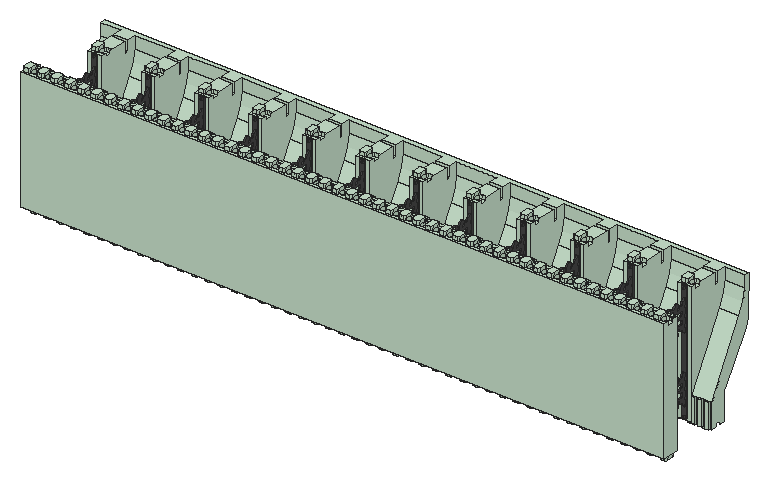
Revit family (continued)
Automatic sketch dimensions
  Extrusion 32 sketch curve to Extrusion 32 sketch curve = 0' - 0.33686"
  Extrusion 32 sketch curve to Extrusion 32 sketch curve = 0' - 0.2216"
  Extrusion 33 sketch curve to plane 8 = 0' - 0.72692"
  Extrusion 33 sketch curve to plane 4 = 2' - 9"
  Extrusion 33 sketch curve to Extrusion 33 sketch curve = 0' - 0.17308"  (x2)
  Extrusion 33 sketch curve to Extrusion 33 sketch curve = 0' - 0"  (x5)
  Extrusion 33 sketch curve to Extrusion 33 sketch curve = 0' - 0 1/4"  (x4)
  Extrusion 33 sketch curve to Extrusion 33 sketch curve = 0' - 0.07692"  (x2)
  Extrusion 33 sketch curve to Extrusion 33 sketch curve = 0' - 0.17323"
  Extrusion 33 sketch curve to Extrusion 33 sketch curve = 0' - 0.01019"
  Extrusion 33 sketch curve to Extrusion 33 sketch curve = 0' - 0.07677"
  Extrusion 33 sketch curve to Extrusion 33 sketch curve = 0' - 0.17083"
  Extrusion 33 sketch curve to Extrusion 33 sketch curve = 0' - 0.01665"
  Extrusion 33 sketch curve to Extrusion 33 sketch curve = 0' - 0.14808"
  Extrusion 33 sketch curve to Extrusion 33 sketch curve = 0' - 0.33686"
  Extrusion 33 sketch curve to Extrusion 33 sketch curve = 0' - 0.2216"
  Extrusion 34 sketch curve to plane 8 = 0' - 0.72692"
  Extrusion 34 sketch curve to plane 4 = 2' - 7"
  Extrusion 34 sketch curve to Extrusion 34 sketch curve = 0' - 0.17308"  (x2)
  Extrusion 34 sketch curve to Extrusion 34 sketch curve = 0' - 0"  (x5)
  Extrusion 34 sketch curve to Extrusion 34 sketch curve = 0' - 0 1/4"  (x4)
  Extrusion 34 sketch curve to Extrusion 34 sketch curve = 0' - 0.07692"  (x2)
  Extrusion 34 sketch curve to Extrusion 34 sketch curve = 0' - 0.17323"
  Extrusion 34 sketch curve to Extrusion 34 sketch curve = 0' - 0.01019"
  Extrusion 34 sketch curve to Extrusion 34 sketch curve = 0' - 0.07677"
  Extrusion 34 sketch curve to Extrusion 34 sketch curve = 0' - 0.17083"
  Extrusion 34 sketch curve to Extrusion 34 sketch curve = 0' - 0.01665"
  Extrusion 34 sketch curve to Extrusion 34 sketch curve = 0' - 0.14808"
  Extrusion 34 sketch curve to Extrusion 34 sketch curve = 0' - 0.33686"
  Extrusion 34 sketch curve to Extrusion 34 sketch curve = 0' - 0.2216"
  Extrusion 35 sketch curve to plane 8 = 0' - 0.72692"
  Extrusion 35 sketch curve to plane 4 = 2' - 5"
  Extrusion 35 sketch curve to Extrusion 35 sketch curve = 0' - 0.17308"  (x2)
  Extrusion 35 sketch curve to Extrusion 35 sketch curve = 0' - 0"  (x5)
  Extrusion 35 sketch curve to Extrusion 35 sketch curve = 0' - 0 1/4"  (x4)
  Extrusion 35 sketch curve to Extrusion 35 sketch curve = 0' - 0.07692"  (x2)
  Extrusion 35 sketch curve to Extrusion 35 sketch curve = 0' - 0.17323"
  Extrusion 35 sketch curve to Extrusion 35 sketch curve = 0' - 0.01019"
  Extrusion 35 sketch curve to Extrusion 35 sketch curve = 0' - 0.07677"
  Extrusion 35 sketch curve to Extrusion 35 sketch curve = 0' - 0.17083"
  Extrusion 35 sketch curve to Extrusion 35 sketch curve = 0' - 0.01665"
  Extrusion 35 sketch curve to Extrusion 35 sketch curve = 0' - 0.14808"
  Extrusion 35 sketch curve to Extrusion 35 sketch curve = 0' - 0.33686"
  Extrusion 35 sketch curve to Extrusion 35 sketch curve = 0' - 0.2216"
  Extrusion 36 sketch curve to plane 8 = 0' - 0.72692"
  Extrusion 36 sketch curve to plane 4 = 2' - 3"
  Extrusion 36 sketch curve to Extrusion 36 sketch curve = 0' - 0.17308"  (x2)
  Extrusion 36 sketch curve to Extrusion 36 sketch curve = 0' - 0"  (x5)
  Extrusion 36 sketch curve to Extrusion 36 sketch curve = 0' - 0 1/4"  (x4)
  Extrusion 36 sketch curve to Extrusion 36 sketch curve = 0' - 0.07692"  (x2)
  Extrusion 36 sketch curve to Extrusion 36 sketch curve = 0' - 0.17323"
  Extrusion 36 sketch curve to Extrusion 36 sketch curve = 0' - 0.01019"
  Extrusion 36 sketch curve to Extrusion 36 sketch curve = 0' - 0.07677"
  Extrusion 36 sketch curve to Extrusion 36 sketch curve = 0' - 0.17083"
  Extrusion 36 sketch curve to Extrusion 36 sketch curve = 0' - 0.01665"
  Extrusion 36 sketch curve to Extrusion 36 sketch curve = 0' - 0.14808"
  Extrusion 36 sketch curve to Extrusion 36 sketch curve = 0' - 0.33686"
  Extrusion 36 sketch curve to Extrusion 36 sketch curve = 0' - 0.2216"
  Extrusion 37 sketch curve to plane 8 = 0' - 0.72692"
  Extrusion 37 sketch curve to plane 4 = 2' - 1"
  Extrusion 37 sketch curve to Extrusion 37 sketch curve = 0' - 0.17308"  (x2)
  Extrusion 37 sketch curve to Extrusion 37 sketch curve = 0' - 0"  (x5)
  Extrusion 37 sketch curve to Extrusion 37 sketch curve = 0' - 0 1/4"  (x4)
  Extrusion 37 sketch curve to Extrusion 37 sketch curve = 0' - 0.07692"  (x2)
  Extrusion 37 sketch curve to Extrusion 37 sketch curve = 0' - 0.17323"
  Extrusion 37 sketch curve to Extrusion 37 sketch curve = 0' - 0.01019"
  Extrusion 37 sketch curve to Extrusion 37 sketch curve = 0' - 0.07677"
  Extrusion 37 sketch curve to Extrusion 37 sketch curve = 0' - 0.17083"
  Extrusion 37 sketch curve to Extrusion 37 sketch curve = 0' - 0.01665"
  Extrusion 37 sketch curve to Extrusion 37 sketch curve = 0' - 0.14808"
  Extrusion 37 sketch curve to Extrusion 37 sketch curve = 0' - 0.33686"
  Extrusion 37 sketch curve to Extrusion 37 sketch curve = 0' - 0.2216"
  Extrusion 38 sketch curve to plane 8 = 0' - 0.72692"
  Extrusion 38 sketch curve to plane 4 = 1' - 11"
  Extrusion 38 sketch curve to Extrusion 38 sketch curve = 0' - 0.17308"  (x2)
  Extrusion 38 sketch curve to Extrusion 38 sketch curve = 0' - 0"  (x5)
  Extrusion 38 sketch curve to Extrusion 38 sketch curve = 0' - 0 1/4"  (x4)
  Extrusion 38 sketch curve to Extrusion 38 sketch curve = 0' - 0.07692"  (x2)
  Extrusion 38 sketch curve to Extrusion 38 sketch curve = 0' - 0.17323"
  Extrusion 38 sketch curve to Extrusion 38 sketch curve = 0' - 0.01019"
  Extrusion 38 sketch curve to Extrusion 38 sketch curve = 0' - 0.07677"
  Extrusion 38 sketch curve to Extrusion 38 sketch curve = 0' - 0.17083"
  Extrusion 38 sketch curve to Extrusion 38 sketch curve = 0' - 0.01665"
  Extrusion 38 sketch curve to Extrusion 38 sketch curve = 0' - 0.14808"
  Extrusion 38 sketch curve to Extrusion 38 sketch curve = 0' - 0.33686"
  Extrusion 38 sketch curve to Extrusion 38 sketch curve = 0' - 0.2216"
  Extrusion 39 sketch curve to plane 8 = 0' - 0.72692"
  Extrusion 39 sketch curve to plane 4 = 1' - 9"
  Extrusion 39 sketch curve to Extrusion 39 sketch curve = 0' - 0.17308"  (x2)
  Extrusion 39 sketch curve to Extrusion 39 sketch curve = 0' - 0"  (x5)
  Extrusion 39 sketch curve to Extrusion 39 sketch curve = 0' - 0 1/4"  (x4)
  Extrusion 39 sketch curve to Extrusion 39 sketch curve = 0' - 0.07692"  (x2)
  Extrusion 39 sketch curve to Extrusion 39 sketch curve = 0' - 0.17323"
  Extrusion 39 sketch curve to Extrusion 39 sketch curve = 0' - 0.01019"
  Extrusion 39 sketch curve to Extrusion 39 sketch curve = 0' - 0.07677"
  Extrusion 39 sketch curve to Extrusion 39 sketch curve = 0' - 0.17083"
  Extrusion 39 sketch curve to Extrusion 39 sketch curve = 0' - 0.01665"
  Extrusion 39 sketch curve to Extrusion 39 sketch curve = 0' - 0.14808"
  Extrusion 39 sketch curve to Extrusion 39 sketch curve = 0' - 0.33686"
  Extrusion 39 sketch curve to Extrusion 39 sketch curve = 0' - 0.2216"
  Extrusion 40 sketch curve to plane 8 = 0' - 0.72692"
  Extrusion 40 sketch curve to plane 4 = 1' - 7"
  Extrusion 40 sketch curve to Extrusion 40 sketch curve = 0' - 0.17308"  (x2)
  Extrusion 40 sketch curve to Extrusion 40 sketch curve = 0' - 0"  (x5)
  Extrusion 40 sketch curve to Extrusion 40 sketch curve = 0' - 0 1/4"  (x4)
  Extrusion 40 sketch curve to Extrusion 40 sketch curve = 0' - 0.07692"  (x2)
  Extrusion 40 sketch curve to Extrusion 40 sketch curve = 0' - 0.17323"
  Extrusion 40 sketch curve to Extrusion 40 sketch curve = 0' - 0.01019"
  Extrusion 40 sketch curve to Extrusion 40 sketch curve = 0' - 0.07677"
  Extrusion 40 sketch curve to Extrusion 40 sketch curve = 0' - 0.17083"
  Extrusion 40 sketch curve to Extrusion 40 sketch curve = 0' - 0.01665"
  Extrusion 40 sketch curve to Extrusion 40 sketch curve = 0' - 0.14808"
  Extrusion 40 sketch curve to Extrusion 40 sketch curve = 0' - 0.33686"
  Extrusion 40 sketch curve to Extrusion 40 sketch curve = 0' - 0.2216"
  Extrusion 41 sketch curve to plane 8 = 0' - 0.72692"
  Extrusion 41 sketch curve to plane 4 = 1' - 5"
  Extrusion 41 sketch curve to Extrusion 41 sketch curve = 0' - 0.17308"  (x2)
  Extrusion 41 sketch curve to Extrusion 41 sketch curve = 0' - 0"  (x5)
  Extrusion 41 sketch curve to Extrusion 41 sketch curve = 0' - 0 1/4"  (x4)
  Extrusion 41 sketch curve to Extrusion 41 sketch curve = 0' - 0.07692"  (x2)
  Extrusion 41 sketch curve to Extrusion 41 sketch curve = 0' - 0.17323"
  Extrusion 41 sketch curve to Extrusion 41 sketch curve = 0' - 0.01019"
  Extrusion 41 sketch curve to Extrusion 41 sketch curve = 0' - 0.07677"
  Extrusion 41 sketch curve to Extrusion 41 sketch curve = 0' - 0.17083"
  Extrusion 41 sketch curve to Extrusion 41 sketch curve = 0' - 0.01665"
  Extrusion 41 sketch curve to Extrusion 41 sketch curve = 0' - 0.14808"
  Extrusion 41 sketch curve to Extrusion 41 sketch curve = 0' - 0.33686"
  Extrusion 41 sketch curve to Extrusion 41 sketch curve = 0' - 0.2216"
  Extrusion 42 sketch curve to plane 8 = 0' - 0.72692"
  Extrusion 42 sketch curve to plane 4 = 1' - 3"
  Extrusion 42 sketch curve to Extrusion 42 sketch curve = 0' - 0.17308"  (x2)
  Extrusion 42 sketch curve to Extrusion 42 sketch curve = 0' - 0"  (x5)
  Extrusion 42 sketch curve to Extrusion 42 sketch curve = 0' - 0 1/4"  (x4)
  Extrusion 42 sketch curve to Extrusion 42 sketch curve = 0' - 0.07692"  (x2)
  Extrusion 42 sketch curve to Extrusion 42 sketch curve = 0' - 0.17323"
  Extrusion 42 sketch curve to Extrusion 42 sketch curve = 0' - 0.01019"
  Extrusion 42 sketch curve to Extrusion 42 sketch curve = 0' - 0.07677"
  Extrusion 42 sketch curve to Extrusion 42 sketch curve = 0' - 0.17083"
  Extrusion 42 sketch curve to Extrusion 42 sketch curve = 0' - 0.01665"
  Extrusion 42 sketch curve to Extrusion 42 sketch curve = 0' - 0.14808"
  Extrusion 42 sketch curve to Extrusion 42 sketch curve = 0' - 0.33686"
  Extrusion 42 sketch curve to Extrusion 42 sketch curve = 0' - 0.2216"
  Extrusion 43 sketch curve to plane 8 = 0' - 0.72692"
  Extrusion 43 sketch curve to plane 4 = 1' - 1"
  Extrusion 43 sketch curve to Extrusion 43 sketch curve = 0' - 0.17308"  (x2)
  Extrusion 43 sketch curve to Extrusion 43 sketch curve = 0' - 0"  (x5)
  Extrusion 43 sketch curve to Extrusion 43 sketch curve = 0' - 0 1/4"  (x4)
  Extrusion 43 sketch curve to Extrusion 43 sketch curve = 0' - 0.07692"  (x2)
  Extrusion 43 sketch curve to Extrusion 43 sketch curve = 0' - 0.17323"
  Extrusion 43 sketch curve to Extrusion 43 sketch curve = 0' - 0.01019"
  Extrusion 43 sketch curve to Extrusion 43 sketch curve = 0' - 0.07677"
  Extrusion 43 sketch curve to Extrusion 43 sketch curve = 0' - 0.17083"
  Extrusion 43 sketch curve to Extrusion 43 sketch curve = 0' - 0.01665"
  Extrusion 43 sketch curve to Extrusion 43 sketch curve = 0' - 0.14808"
  Extrusion 43 sketch curve to Extrusion 43 sketch curve = 0' - 0.33686"
  Extrusion 43 sketch curve to Extrusion 43 sketch curve = 0' - 0.2216"
  Extrusion 44 sketch curve to plane 8 = 0' - 0.72692"
  Extrusion 44 sketch curve to plane 4 = 0' - 11"
  Extrusion 44 sketch curve to Extrusion 44 sketch curve = 0' - 0.17308"  (x2)
  Extrusion 44 sketch curve to Extrusion 44 sketch curve = 0' - 0"  (x5)
  Extrusion 44 sketch curve to Extrusion 44 sketch curve = 0' - 0 1/4"  (x4)
  Extrusion 44 sketch curve to Extrusion 44 sketch curve = 0' - 0.07692"  (x2)
  Extrusion 44 sketch curve to Extrusion 44 sketch curve = 0' - 0.17323"
  Extrusion 44 sketch curve to Extrusion 44 sketch curve = 0' - 0.01019"
  Extrusion 44 sketch curve to Extrusion 44 sketch curve = 0' - 0.07677"
  Extrusion 44 sketch curve to Extrusion 44 sketch curve = 0' - 0.17083"
  Extrusion 44 sketch curve to Extrusion 44 sketch curve = 0' - 0.01665"
  Extrusion 44 sketch curve to Extrusion 44 sketch curve = 0' - 0.14808"
  Extrusion 44 sketch curve to Extrusion 44 sketch curve = 0' - 0.33686"
  Extrusion 44 sketch curve to Extrusion 44 sketch curve = 0' - 0.2216"
  Extrusion 45 sketch curve to plane 8 = 0' - 0.72692"
  Extrusion 45 sketch curve to plane 4 = 0' - 9"
  Extrusion 45 sketch curve to Extrusion 45 sketch curve = 0' - 0.17308"  (x2)
  Extrusion 45 sketch curve to Extrusion 45 sketch curve = 0' - 0"  (x5)
  Extrusion 45 sketch curve to Extrusion 45 sketch curve = 0' - 0 1/4"  (x4)
  Extrusion 45 sketch curve to Extrusion 45 sketch curve = 0' - 0.07692"  (x2)
  Extrusion 45 sketch curve to Extrusion 45 sketch curve = 0' - 0.17323"
  Extrusion 45 sketch curve to Extrusion 45 sketch curve = 0' - 0.01019"
  Extrusion 45 sketch curve to Extrusion 45 sketch curve = 0' - 0.07677"
  Extrusion 45 sketch curve to Extrusion 45 sketch curve = 0' - 0.17083"
  Extrusion 45 sketch curve to Extrusion 45 sketch curve = 0' - 0.01665"
  Extrusion 45 sketch curve to Extrusion 45 sketch curve = 0' - 0.14808"
  Extrusion 45 sketch curve to Extrusion 45 sketch curve = 0' - 0.33686"
  Extrusion 45 sketch curve to Extrusion 45 sketch curve = 0' - 0.2216"
  Extrusion 46 sketch curve to plane 8 = 0' - 0.72692"
  Extrusion 46 sketch curve to plane 4 = 0' - 7"
  Extrusion 46 sketch curve to Extrusion 46 sketch curve = 0' - 0.17308"  (x2)
  Extrusion 46 sketch curve to Extrusion 46 sketch curve = 0' - 0"  (x5)
  Extrusion 46 sketch curve to Extrusion 46 sketch curve = 0' - 0 1/4"  (x4)
  Extrusion 46 sketch curve to Extrusion 46 sketch curve = 0' - 0.07692"  (x2)
  Extrusion 46 sketch curve to Extrusion 46 sketch curve = 0' - 0.17323"
  Extrusion 46 sketch curve to Extrusion 46 sketch curve = 0' - 0.01019"
  Extrusion 46 sketch curve to Extrusion 46 sketch curve = 0' - 0.07677"
  Extrusion 46 sketch curve to Extrusion 46 sketch curve = 0' - 0.17083"
  Extrusion 46 sketch curve to Extrusion 46 sketch curve = 0' - 0.01665"
  Extrusion 46 sketch curve to Extrusion 46 sketch curve = 0' - 0.14808"
  Extrusion 46 sketch curve to Extrusion 46 sketch curve = 0' - 0.33686"
  Extrusion 46 sketch curve to Extrusion 46 sketch curve = 0' - 0.2216"
  Extrusion 47 sketch curve to plane 8 = 0' - 0.72692"
  Extrusion 47 sketch curve to plane 4 = 0' - 5"
  Extrusion 47 sketch curve to Extrusion 47 sketch curve = 0' - 0.17308"  (x2)
  Extrusion 47 sketch curve to Extrusion 47 sketch curve = 0' - 0"  (x5)
  Extrusion 47 sketch curve to Extrusion 47 sketch curve = 0' - 0 1/4"  (x4)
  Extrusion 47 sketch curve to Extrusion 47 sketch curve = 0' - 0.07692"  (x2)
  Extrusion 47 sketch curve to Extrusion 47 sketch curve = 0' - 0.17323"
  Extrusion 47 sketch curve to Extrusion 47 sketch curve = 0' - 0.01019"
  Extrusion 47 sketch curve to Extrusion 47 sketch curve = 0' - 0.07677"
  Extrusion 47 sketch curve to Extrusion 47 sketch curve = 0' - 0.17083"
  Extrusion 47 sketch curve to Extrusion 47 sketch curve = 0' - 0.01665"
  Extrusion 47 sketch curve to Extrusion 47 sketch curve = 0' - 0.14808"
  Extrusion 47 sketch curve to Extrusion 47 sketch curve = 0' - 0.33686"
  Extrusion 47 sketch curve to Extrusion 47 sketch curve = 0' - 0.2216"
  Extrusion 48 sketch curve to plane 8 = 0' - 0.72692"
  Extrusion 48 sketch curve to plane 4 = 0' - 3"
  Extrusion 48 sketch curve to Extrusion 48 sketch curve = 0' - 0.17308"  (x2)
  Extrusion 48 sketch curve to Extrusion 48 sketch curve = 0' - 0"  (x5)
  Extrusion 48 sketch curve to Extrusion 48 sketch curve = 0' - 0 1/4"  (x4)
  Extrusion 48 sketch curve to Extrusion 48 sketch curve = 0' - 0.07692"  (x2)
  Extrusion 48 sketch curve to Extrusion 48 sketch curve = 0' - 0.17323"
  Extrusion 48 sketch curve to Extrusion 48 sketch curve = 0' - 0.01019"
  Extrusion 48 sketch curve to Extrusion 48 sketch curve = 0' - 0.07677"
  Extrusion 48 sketch curve to Extrusion 48 sketch curve = 0' - 0.17083"
  Extrusion 48 sketch curve to Extrusion 48 sketch curve = 0' - 0.01665"
  Extrusion 48 sketch curve to Extrusion 48 sketch curve = 0' - 0.14808"
  Extrusion 48 sketch curve to Extrusion 48 sketch curve = 0' - 0.33686"
  Extrusion 48 sketch curve to Extrusion 48 sketch curve = 0' - 0.2216"
  Extrusion 49 sketch curve to plane 4 = 0' - 0"
  Extrusion 49 sketch curve to plane 4 = 0' - 0.02075"
  Extrusion 49 sketch curve to Extrusion 49 sketch curve = 0' - 0.04585"
  Extrusion 49 sketch curve to Extrusion 49 sketch curve = 0' - 0"  (x4)
  Extrusion 49 sketch curve to Extrusion 49 sketch curve = 0' - 0.01665"
  Extrusion 49 sketch curve to plane 4 = 0' - 0.17308"
  Extrusion 49 sketch curve to plane 4 = 0' - 0 1/4"
  Extrusion 49 sketch curve to Extrusion 49 sketch curve = 0' - 0.17083"
  Extrusion 49 sketch curve to Extrusion 49 sketch curve = 0' - 0 1/16"
  Extrusion 49 sketch curve to Extrusion 49 sketch curve = 0' - 0.01019"
  Extrusion 49 sketch curve to Extrusion 49 sketch curve = 0' - 0 1/4"  (x4)
  Extrusion 49 sketch curve to Extrusion 49 sketch curve = 0' - 0.07692"  (x2)
  Extrusion 49 sketch curve to plane 8 = 0' - 0.48905"
  Extrusion 49 sketch curve to Extrusion 49 sketch curve = 0' - 0.14808"
  Extrusion 49 sketch curve to Extrusion 49 sketch curve = 0' - 0.33686"
  Extrusion 49 sketch curve to Extrusion 49 sketch curve = 0' - 0.2216"
  plane 7 to Extrusion 50 sketch curve = 0' - 0.72692"
  Extrusion 50 sketch curve to plane 4 = 0' - 3"
  Extrusion 50 sketch curve to Extrusion 50 sketch curve = 0' - 0.17308"  (x2)
  Extrusion 50 sketch curve to Extrusion 50 sketch curve = 0' - 0"  (x5)
  Extrusion 50 sketch curve to Extrusion 50 sketch curve = 0' - 0 1/4"  (x4)
  Extrusion 50 sketch curve to Extrusion 50 sketch curve = 0' - 0.07692"  (x2)
  Extrusion 50 sketch curve to Extrusion 50 sketch curve = 0' - 0.17323"
  Extrusion 50 sketch curve to Extrusion 50 sketch curve = 0' - 0.01019"
  Extrusion 50 sketch curve to Extrusion 50 sketch curve = 0' - 0.07677"
  Extrusion 50 sketch curve to Extrusion 50 sketch curve = 0' - 0.17083"
  Extrusion 50 sketch curve to Extrusion 50 sketch curve = 0' - 0.01665"
  Extrusion 50 sketch curve to Extrusion 50 sketch curve = 0' - 0.14808"
  Extrusion 50 sketch curve to Extrusion 50 sketch curve = 0' - 0.33686"
  Extrusion 50 sketch curve to Extrusion 50 sketch curve = 0' - 0.2216"
  plane 7 to Extrusion 51 sketch curve = 0' - 0.72692"
  Extrusion 51 sketch curve to plane 4 = 0' - 11"
  Extrusion 51 sketch curve to Extrusion 51 sketch curve = 0' - 0.17308"  (x2)
  Extrusion 51 sketch curve to Extrusion 51 sketch curve = 0' - 0"  (x5)
  Extrusion 51 sketch curve to Extrusion 51 sketch curve = 0' - 0 1/4"  (x4)
  Extrusion 51 sketch curve to Extrusion 51 sketch curve = 0' - 0.07692"  (x2)
  Extrusion 51 sketch curve to Extrusion 51 sketch curve = 0' - 0.17323"
  Extrusion 51 sketch curve to Extrusion 51 sketch curve = 0' - 0.01019"
  Extrusion 51 sketch curve to Extrusion 51 sketch curve = 0' - 0.07677"
  Extrusion 51 sketch curve to Extrusion 51 sketch curve = 0' - 0.17083"
  Extrusion 51 sketch curve to Extrusion 51 sketch curve = 0' - 0.01665"
  Extrusion 51 sketch curve to Extrusion 51 sketch curve = 0' - 0.14808"
  Extrusion 51 sketch curve to Extrusion 51 sketch curve = 0' - 0.33686"
  Extrusion 51 sketch curve to Extrusion 51 sketch curve = 0' - 0.2216"
  plane 7 to Extrusion 52 sketch curve = 0' - 0.72692"
  Extrusion 52 sketch curve to plane 4 = 1' - 7"
  Extrusion 52 sketch curve to Extrusion 52 sketch curve = 0' - 0.17308"  (x2)
  Extrusion 52 sketch curve to Extrusion 52 sketch curve = 0' - 0"  (x5)
  Extrusion 52 sketch curve to Extrusion 52 sketch curve = 0' - 0 1/4"  (x4)
  Extrusion 52 sketch curve to Extrusion 52 sketch curve = 0' - 0.07692"  (x2)
  Extrusion 52 sketch curve to Extrusion 52 sketch curve = 0' - 0.17323"
  Extrusion 52 sketch curve to Extrusion 52 sketch curve = 0' - 0.01019"
  Extrusion 52 sketch curve to Extrusion 52 sketch curve = 0' - 0.07677"
  Extrusion 52 sketch curve to Extrusion 52 sketch curve = 0' - 0.17083"
  Extrusion 52 sketch curve to Extrusion 52 sketch curve = 0' - 0.01665"
  Extrusion 52 sketch curve to Extrusion 52 sketch curve = 0' - 0.14808"
  Extrusion 52 sketch curve to Extrusion 52 sketch curve = 0' - 0.33686"
  Extrusion 52 sketch curve to Extrusion 52 sketch curve = 0' - 0.2216"
  plane 7 to Extrusion 53 sketch curve = 0' - 0.72692"
  Extrusion 53 sketch curve to plane 4 = 2' - 3"
  Extrusion 53 sketch curve to Extrusion 53 sketch curve = 0' - 0.17308"  (x2)
  Extrusion 53 sketch curve to Extrusion 53 sketch curve = 0' - 0"  (x5)
  Extrusion 53 sketch curve to Extrusion 53 sketch curve = 0' - 0 1/4"  (x4)
  Extrusion 53 sketch curve to Extrusion 53 sketch curve = 0' - 0.07692"  (x2)
  Extrusion 53 sketch curve to Extrusion 53 sketch curve = 0' - 0.17323"
  Extrusion 53 sketch curve to Extrusion 53 sketch curve = 0' - 0.01019"
  Extrusion 53 sketch curve to Extrusion 53 sketch curve = 0' - 0.07677"
  Extrusion 53 sketch curve to Extrusion 53 sketch curve = 0' - 0.17083"
  Extrusion 53 sketch curve to Extrusion 53 sketch curve = 0' - 0.01665"
  Extrusion 53 sketch curve to Extrusion 53 sketch curve = 0' - 0.14808"
  Extrusion 53 sketch curve to Extrusion 53 sketch curve = 0' - 0.33686"
  Extrusion 53 sketch curve to Extrusion 53 sketch curve = 0' - 0.2216"
  plane 7 to Extrusion 54 sketch curve = 0' - 0.72692"
  Extrusion 54 sketch curve to plane 4 = 2' - 11"
  Extrusion 54 sketch curve to Extrusion 54 sketch curve = 0' - 0.17308"  (x2)
  Extrusion 54 sketch curve to Extrusion 54 sketch curve = 0' - 0"  (x5)
  Extrusion 54 sketch curve to Extrusion 54 sketch curve = 0' - 0 1/4"  (x4)
  Extrusion 54 sketch curve to Extrusion 54 sketch curve = 0' - 0.07692"  (x2)
  Extrusion 54 sketch curve to Extrusion 54 sketch curve = 0' - 0.17323"
  Extrusion 54 sketch curve to Extrusion 54 sketch curve = 0' - 0.01019"
  Extrusion 54 sketch curve to Extrusion 54 sketch curve = 0' - 0.07677"
  Extrusion 54 sketch curve to Extrusion 54 sketch curve = 0' - 0.17083"
  Extrusion 54 sketch curve to Extrusion 54 sketch curve = 0' - 0.01665"
  Extrusion 54 sketch curve to Extrusion 54 sketch curve = 0' - 0.14808"
  Extrusion 54 sketch curve to Extrusion 54 sketch curve = 0' - 0.33686"
  Extrusion 54 sketch curve to Extrusion 54 sketch curve = 0' - 0.2216"
  plane 7 to Extrusion 55 sketch curve = 0' - 0.72692"
  Extrusion 55 sketch curve to plane 4 = 3' - 7"
  Extrusion 55 sketch curve to Extrusion 55 sketch curve = 0' - 0.17308"  (x2)
  Extrusion 55 sketch curve to Extrusion 55 sketch curve = 0' - 0"  (x5)
  Extrusion 55 sketch curve to Extrusion 55 sketch curve = 0' - 0 1/4"  (x4)
  Extrusion 55 sketch curve to Extrusion 55 sketch curve = 0' - 0.07692"  (x2)
  Extrusion 55 sketch curve to Extrusion 55 sketch curve = 0' - 0.17323"
  Extrusion 55 sketch curve to Extrusion 55 sketch curve = 0' - 0.01019"
  Extrusion 55 sketch curve to Extrusion 55 sketch curve = 0' - 0.07677"
  Extrusion 55 sketch curve to Extrusion 55 sketch curve = 0' - 0.17083"
  Extrusion 55 sketch curve to Extrusion 55 sketch curve = 0' - 0.01665"
  Extrusion 55 sketch curve to Extrusion 55 sketch curve = 0' - 0.14808"
  Extrusion 55 sketch curve to Extrusion 55 sketch curve = 0' - 0.33686"
  Extrusion 55 sketch curve to Extrusion 55 sketch curve = 0' - 0.2216"
  plane 7 to Extrusion 56 sketch curve = 0' - 0.72692"
  plane 3 "Center (Left/Right)" to Extrusion 56 sketch curve = 3' - 9"
  Extrusion 56 sketch curve to Extrusion 56 sketch curve = 0' - 0.17308"  (x2)
  Extrusion 56 sketch curve to Extrusion 56 sketch curve = 0' - 0"  (x5)
  Extrusion 56 sketch curve to Extrusion 56 sketch curve = 0' - 0.07692"  (x3)
  Extrusion 56 sketch curve to Extrusion 56 sketch curve = 0' - 0 1/4"  (x3)
  Extrusion 56 sketch curve to Extrusion 56 sketch curve = 0' - 0.17323"
  Extrusion 56 sketch curve to Extrusion 56 sketch curve = 0' - 0.01019"
  Extrusion 56 sketch curve to Extrusion 56 sketch curve = 0' - 0.07677"
  Extrusion 56 sketch curve to Extrusion 56 sketch curve = 0' - 0.17083"
  Extrusion 56 sketch curve to Extrusion 56 sketch curve = 0' - 0.01665"
  Extrusion 56 sketch curve to Extrusion 56 sketch curve = 0' - 0.14808"
  Extrusion 56 sketch curve to Extrusion 56 sketch curve = 0' - 0.33686"
  Extrusion 56 sketch curve to Extrusion 56 sketch curve = 0' - 0.2216"
  plane 7 to Extrusion 57 sketch curve = 0' - 0.72692"
  plane 3 "Center (Left/Right)" to Extrusion 57 sketch curve = 3' - 1"
  Extrusion 57 sketch curve to Extrusion 57 sketch curve = 0' - 0.17308"  (x2)
  Extrusion 57 sketch curve to Extrusion 57 sketch curve = 0' - 0"  (x5)
  Extrusion 57 sketch curve to Extrusion 57 sketch curve = 0' - 0.07692"  (x3)
  Extrusion 57 sketch curve to Extrusion 57 sketch curve = 0' - 0 1/4"  (x3)
  Extrusion 57 sketch curve to Extrusion 57 sketch curve = 0' - 0.17323"
  Extrusion 57 sketch curve to Extrusion 57 sketch curve = 0' - 0.01019"
  Extrusion 57 sketch curve to Extrusion 57 sketch curve = 0' - 0.07677"
  Extrusion 57 sketch curve to Extrusion 57 sketch curve = 0' - 0.17083"
  Extrusion 57 sketch curve to Extrusion 57 sketch curve = 0' - 0.01665"
  Extrusion 57 sketch curve to Extrusion 57 sketch curve = 0' - 0.14808"
  Extrusion 57 sketch curve to Extrusion 57 sketch curve = 0' - 0.33686"
  Extrusion 57 sketch curve to Extrusion 57 sketch curve = 0' - 0.2216"
  plane 7 to Extrusion 58 sketch curve = 0' - 0.72692"
  plane 3 "Center (Left/Right)" to Extrusion 58 sketch curve = 2' - 5"
  Extrusion 58 sketch curve to Extrusion 58 sketch curve = 0' - 0.17308"  (x2)
  Extrusion 58 sketch curve to Extrusion 58 sketch curve = 0' - 0"  (x5)
  Extrusion 58 sketch curve to Extrusion 58 sketch curve = 0' - 0.07692"  (x3)
  Extrusion 58 sketch curve to Extrusion 58 sketch curve = 0' - 0 1/4"  (x3)
  Extrusion 58 sketch curve to Extrusion 58 sketch curve = 0' - 0.17323"
  Extrusion 58 sketch curve to Extrusion 58 sketch curve = 0' - 0.01019"
  Extrusion 58 sketch curve to Extrusion 58 sketch curve = 0' - 0.07677"
  Extrusion 58 sketch curve to Extrusion 58 sketch curve = 0' - 0.17083"
  Extrusion 58 sketch curve to Extrusion 58 sketch curve = 0' - 0.01665"
  Extrusion 58 sketch curve to Extrusion 58 sketch curve = 0' - 0.14808"
  Extrusion 58 sketch curve to Extrusion 58 sketch curve = 0' - 0.33686"
  Extrusion 58 sketch curve to Extrusion 58 sketch curve = 0' - 0.2216"
  plane 7 to Extrusion 59 sketch curve = 0' - 0.72692"
  plane 3 "Center (Left/Right)" to Extrusion 59 sketch curve = 1' - 9"
  Extrusion 59 sketch curve to Extrusion 59 sketch curve = 0' - 0.17308"  (x2)
  Extrusion 59 sketch curve to Extrusion 59 sketch curve = 0' - 0"  (x5)
  Extrusion 59 sketch curve to Extrusion 59 sketch curve = 0' - 0.07692"  (x3)
  Extrusion 59 sketch curve to Extrusion 59 sketch curve = 0' - 0 1/4"  (x3)
  Extrusion 59 sketch curve to Extrusion 59 sketch curve = 0' - 0.17323"
  Extrusion 59 sketch curve to Extrusion 59 sketch curve = 0' - 0.01019"
  Extrusion 59 sketch curve to Extrusion 59 sketch curve = 0' - 0.07677"
  Extrusion 59 sketch curve to Extrusion 59 sketch curve = 0' - 0.17083"
  Extrusion 59 sketch curve to Extrusion 59 sketch curve = 0' - 0.01665"
  Extrusion 59 sketch curve to Extrusion 59 sketch curve = 0' - 0.14808"
  Extrusion 59 sketch curve to Extrusion 59 sketch curve = 0' - 0.33686"
  Extrusion 59 sketch curve to Extrusion 59 sketch curve = 0' - 0.2216"
  plane 7 to Extrusion 60 sketch curve = 0' - 0.72692"
  plane 3 "Center (Left/Right)" to Extrusion 60 sketch curve = 1' - 1"
  Extrusion 60 sketch curve to Extrusion 60 sketch curve = 0' - 0.17308"  (x2)
  Extrusion 60 sketch curve to Extrusion 60 sketch curve = 0' - 0"  (x5)
  Extrusion 60 sketch curve to Extrusion 60 sketch curve = 0' - 0.07692"  (x3)
  Extrusion 60 sketch curve to Extrusion 60 sketch curve = 0' - 0 1/4"  (x3)
  Extrusion 60 sketch curve to Extrusion 60 sketch curve = 0' - 0.17323"
  Extrusion 60 sketch curve to Extrusion 60 sketch curve = 0' - 0.01019"
  Extrusion 60 sketch curve to Extrusion 60 sketch curve = 0' - 0.07677"
  Extrusion 60 sketch curve to Extrusion 60 sketch curve = 0' - 0.17083"
  Extrusion 60 sketch curve to Extrusion 60 sketch curve = 0' - 0.01665"
  Extrusion 60 sketch curve to Extrusion 60 sketch curve = 0' - 0.14808"
  Extrusion 60 sketch curve to Extrusion 60 sketch curve = 0' - 0.33686"
  Extrusion 60 sketch curve to Extrusion 60 sketch curve = 0' - 0.2216"
  plane 7 to Extrusion 61 sketch curve = 0' - 0.72692"
  plane 3 "Center (Left/Right)" to Extrusion 61 sketch curve = 0' - 5"
  Extrusion 61 sketch curve to Extrusion 61 sketch curve = 0' - 0.17308"  (x2)
  Extrusion 61 sketch curve to Extrusion 61 sketch curve = 0' - 0"  (x5)
  Extrusion 61 sketch curve to Extrusion 61 sketch curve = 0' - 0.07692"  (x3)
  Extrusion 61 sketch curve to Extrusion 61 sketch curve = 0' - 0 1/4"  (x3)
  Extrusion 61 sketch curve to Extrusion 61 sketch curve = 0' - 0.17323"
  Extrusion 61 sketch curve to Extrusion 61 sketch curve = 0' - 0.01019"
  Extrusion 61 sketch curve to Extrusion 61 sketch curve = 0' - 0.07677"
  Extrusion 61 sketch curve to Extrusion 61 sketch curve = 0' - 0.17083"
  Extrusion 61 sketch curve to Extrusion 61 sketch curve = 0' - 0.01665"
  Extrusion 61 sketch curve to Extrusion 61 sketch curve = 0' - 0.14808"
  Extrusion 61 sketch curve to Extrusion 61 sketch curve = 0' - 0.33686"
  Extrusion 61 sketch curve to Extrusion 61 sketch curve = 0' - 0.2216"
  Extrusion 62 sketch curve to plane 3 "Center (Left/Right)" = 0' - 0"
  Extrusion 62 sketch curve to plane 3 "Center (Left/Right)" = 0' - 0.02075"
  Extrusion 62 sketch curve to Extrusion 62 sketch curve = 0' - 0.04585"
  Extrusion 62 sketch curve to Extrusion 62 sketch curve = 0' - 0"  (x4)
  Extrusion 62 sketch curve to Extrusion 62 sketch curve = 0' - 0.01665"
  Extrusion 62 sketch curve to plane 3 "Center (Left/Right)" = 0' - 0.17308"
  Extrusion 62 sketch curve to Extrusion 62 sketch curve = 0' - 0 1/4"  (x5)
  Extrusion 62 sketch curve to Extrusion 62 sketch curve = 0' - 0.17083"
  Extrusion 62 sketch curve to Extrusion 62 sketch curve = 0' - 0 1/16"
  Extrusion 62 sketch curve to Extrusion 62 sketch curve = 0' - 0.01019"
  Extrusion 62 sketch curve to Extrusion 62 sketch curve = 0' - 0.07692"  (x2)
  plane 8 to Extrusion 62 sketch curve = 0' - 0.48905"
  Extrusion 62 sketch curve to Extrusion 62 sketch curve = 0' - 0.14808"
  Extrusion 62 sketch curve to Extrusion 62 sketch curve = 0' - 0.33686"
  Extrusion 62 sketch curve to Extrusion 62 sketch curve = 0' - 0.2216"
  plane 8 to Extrusion 63 sketch curve = 0' - 0.72692"
  Extrusion 63 sketch curve to plane 3 "Center (Left/Right)" = 0' - 3"
  Extrusion 63 sketch curve to Extrusion 63 sketch curve = 0' - 0.17308"  (x2)
  Extrusion 63 sketch curve to Extrusion 63 sketch curve = 0' - 0"  (x5)
  Extrusion 63 sketch curve to Extrusion 63 sketch curve = 0' - 0 1/4"  (x4)
  Extrusion 63 sketch curve to Extrusion 63 sketch curve = 0' - 0.07692"  (x2)
  Extrusion 63 sketch curve to Extrusion 63 sketch curve = 0' - 0.17323"
  Extrusion 63 sketch curve to Extrusion 63 sketch curve = 0' - 0.01019"
  Extrusion 63 sketch curve to Extrusion 63 sketch curve = 0' - 0.07677"
  Extrusion 63 sketch curve to Extrusion 63 sketch curve = 0' - 0.17083"
  Extrusion 63 sketch curve to Extrusion 63 sketch curve = 0' - 0.01665"
  Extrusion 63 sketch curve to Extrusion 63 sketch curve = 0' - 0.14808"
  Extrusion 63 sketch curve to Extrusion 63 sketch curve = 0' - 0.33686"
  Extrusion 63 sketch curve to Extrusion 63 sketch curve = 0' - 0.2216"
  plane 8 to Extrusion 64 sketch curve = 0' - 0.72692"
  Extrusion 64 sketch curve to plane 3 "Center (Left/Right)" = 0' - 5"
  Extrusion 64 sketch curve to Extrusion 64 sketch curve = 0' - 0.17308"  (x2)
  Extrusion 64 sketch curve to Extrusion 64 sketch curve = 0' - 0"  (x5)
  Extrusion 64 sketch curve to Extrusion 64 sketch curve = 0' - 0 1/4"  (x4)
  Extrusion 64 sketch curve to Extrusion 64 sketch curve = 0' - 0.07692"  (x2)
  Extrusion 64 sketch curve to Extrusion 64 sketch curve = 0' - 0.17323"
  Extrusion 64 sketch curve to Extrusion 64 sketch curve = 0' - 0.01019"
  Extrusion 64 sketch curve to Extrusion 64 sketch curve = 0' - 0.07677"
  Extrusion 64 sketch curve to Extrusion 64 sketch curve = 0' - 0.17083"
  Extrusion 64 sketch curve to Extrusion 64 sketch curve = 0' - 0.01665"
  Extrusion 64 sketch curve to Extrusion 64 sketch curve = 0' - 0.14808"
  Extrusion 64 sketch curve to Extrusion 64 sketch curve = 0' - 0.33686"
  Extrusion 64 sketch curve to Extrusion 64 sketch curve = 0' - 0.2216"
  plane 8 to Extrusion 65 sketch curve = 0' - 0.72692"
  Extrusion 65 sketch curve to plane 3 "Center (Left/Right)" = 0' - 7"
  Extrusion 65 sketch curve to Extrusion 65 sketch curve = 0' - 0.17308"  (x2)
  Extrusion 65 sketch curve to Extrusion 65 sketch curve = 0' - 0"  (x5)
  Extrusion 65 sketch curve to Extrusion 65 sketch curve = 0' - 0 1/4"  (x4)
  Extrusion 65 sketch curve to Extrusion 65 sketch curve = 0' - 0.07692"  (x2)
  Extrusion 65 sketch curve to Extrusion 65 sketch curve = 0' - 0.17323"
  Extrusion 65 sketch curve to Extrusion 65 sketch curve = 0' - 0.01019"
  Extrusion 65 sketch curve to Extrusion 65 sketch curve = 0' - 0.07677"
  Extrusion 65 sketch curve to Extrusion 65 sketch curve = 0' - 0.17083"
  Extrusion 65 sketch curve to Extrusion 65 sketch curve = 0' - 0.01665"
  Extrusion 65 sketch curve to Extrusion 65 sketch curve = 0' - 0.14808"
  Extrusion 65 sketch curve to Extrusion 65 sketch curve = 0' - 0.33686"
  Extrusion 65 sketch curve to Extrusion 65 sketch curve = 0' - 0.2216"
  plane 8 to Extrusion 66 sketch curve = 0' - 0.72692"
  Extrusion 66 sketch curve to plane 3 "Center (Left/Right)" = 0' - 9"
  Extrusion 66 sketch curve to Extrusion 66 sketch curve = 0' - 0.17308"  (x2)
  Extrusion 66 sketch curve to Extrusion 66 sketch curve = 0' - 0"  (x5)
  Extrusion 66 sketch curve to Extrusion 66 sketch curve = 0' - 0 1/4"  (x4)
  Extrusion 66 sketch curve to Extrusion 66 sketch curve = 0' - 0.07692"  (x2)
  Extrusion 66 sketch curve to Extrusion 66 sketch curve = 0' - 0.17323"
  Extrusion 66 sketch curve to Extrusion 66 sketch curve = 0' - 0.01019"
  Extrusion 66 sketch curve to Extrusion 66 sketch curve = 0' - 0.07677"
  Extrusion 66 sketch curve to Extrusion 66 sketch curve = 0' - 0.17083"
  Extrusion 66 sketch curve to Extrusion 66 sketch curve = 0' - 0.01665"
  Extrusion 66 sketch curve to Extrusion 66 sketch curve = 0' - 0.14808"
  Extrusion 66 sketch curve to Extrusion 66 sketch curve = 0' - 0.33686"
  Extrusion 66 sketch curve to Extrusion 66 sketch curve = 0' - 0.2216"
  plane 8 to Extrusion 67 sketch curve = 0' - 0.72692"
  Extrusion 67 sketch curve to plane 3 "Center (Left/Right)" = 0' - 11"
  Extrusion 67 sketch curve to Extrusion 67 sketch curve = 0' - 0.17308"  (x2)
  Extrusion 67 sketch curve to Extrusion 67 sketch curve = 0' - 0"  (x5)
  Extrusion 67 sketch curve to Extrusion 67 sketch curve = 0' - 0 1/4"  (x4)
  Extrusion 67 sketch curve to Extrusion 67 sketch curve = 0' - 0.07692"  (x2)
  Extrusion 67 sketch curve to Extrusion 67 sketch curve = 0' - 0.17323"
  Extrusion 67 sketch curve to Extrusion 67 sketch curve = 0' - 0.01019"
  Extrusion 67 sketch curve to Extrusion 67 sketch curve = 0' - 0.07677"
  Extrusion 67 sketch curve to Extrusion 67 sketch curve = 0' - 0.17083"
  Extrusion 67 sketch curve to Extrusion 67 sketch curve = 0' - 0.01665"
  Extrusion 67 sketch curve to Extrusion 67 sketch curve = 0' - 0.14808"
  Extrusion 67 sketch curve to Extrusion 67 sketch curve = 0' - 0.33686"
  Extrusion 67 sketch curve to Extrusion 67 sketch curve = 0' - 0.2216"
  plane 8 to Extrusion 68 sketch curve = 0' - 0.72692"
  Extrusion 68 sketch curve to plane 3 "Center (Left/Right)" = 1' - 1"
  Extrusion 68 sketch curve to Extrusion 68 sketch curve = 0' - 0.17308"  (x2)
  Extrusion 68 sketch curve to Extrusion 68 sketch curve = 0' - 0"  (x5)
  Extrusion 68 sketch curve to Extrusion 68 sketch curve = 0' - 0 1/4"  (x4)
  Extrusion 68 sketch curve to Extrusion 68 sketch curve = 0' - 0.07692"  (x2)
  Extrusion 68 sketch curve to Extrusion 68 sketch curve = 0' - 0.17323"
  Extrusion 68 sketch curve to Extrusion 68 sketch curve = 0' - 0.01019"
  Extrusion 68 sketch curve to Extrusion 68 sketch curve = 0' - 0.07677"
  Extrusion 68 sketch curve to Extrusion 68 sketch curve = 0' - 0.17083"
  Extrusion 68 sketch curve to Extrusion 68 sketch curve = 0' - 0.01665"
  Extrusion 68 sketch curve to Extrusion 68 sketch curve = 0' - 0.14808"
  Extrusion 68 sketch curve to Extrusion 68 sketch curve = 0' - 0.33686"
  Extrusion 68 sketch curve to Extrusion 68 sketch curve = 0' - 0.2216"
  plane 8 to Extrusion 69 sketch curve = 0' - 0.72692"
  Extrusion 69 sketch curve to plane 3 "Center (Left/Right)" = 1' - 3"
  Extrusion 69 sketch curve to Extrusion 69 sketch curve = 0' - 0.17308"  (x2)
  Extrusion 69 sketch curve to Extrusion 69 sketch curve = 0' - 0"  (x5)
  Extrusion 69 sketch curve to Extrusion 69 sketch curve = 0' - 0 1/4"  (x4)
  Extrusion 69 sketch curve to Extrusion 69 sketch curve = 0' - 0.07692"  (x2)
  Extrusion 69 sketch curve to Extrusion 69 sketch curve = 0' - 0.17323"
  Extrusion 69 sketch curve to Extrusion 69 sketch curve = 0' - 0.01019"
  Extrusion 69 sketch curve to Extrusion 69 sketch curve = 0' - 0.07677"
  Extrusion 69 sketch curve to Extrusion 69 sketch curve = 0' - 0.17083"
  Extrusion 69 sketch curve to Extrusion 69 sketch curve = 0' - 0.01665"
  Extrusion 69 sketch curve to Extrusion 69 sketch curve = 0' - 0.14808"
  Extrusion 69 sketch curve to Extrusion 69 sketch curve = 0' - 0.33686"
  Extrusion 69 sketch curve to Extrusion 69 sketch curve = 0' - 0.2216"
  plane 8 to Extrusion 70 sketch curve = 0' - 0.72692"
  Extrusion 70 sketch curve to plane 3 "Center (Left/Right)" = 1' - 5"
  Extrusion 70 sketch curve to Extrusion 70 sketch curve = 0' - 0.17308"  (x2)
  Extrusion 70 sketch curve to Extrusion 70 sketch curve = 0' - 0"  (x5)
  Extrusion 70 sketch curve to Extrusion 70 sketch curve = 0' - 0 1/4"  (x4)
  Extrusion 70 sketch curve to Extrusion 70 sketch curve = 0' - 0.07692"  (x2)
  Extrusion 70 sketch curve to Extrusion 70 sketch curve = 0' - 0.17323"
  Extrusion 70 sketch curve to Extrusion 70 sketch curve = 0' - 0.01019"
  Extrusion 70 sketch curve to Extrusion 70 sketch curve = 0' - 0.07677"
  Extrusion 70 sketch curve to Extrusion 70 sketch curve = 0' - 0.17083"
  Extrusion 70 sketch curve to Extrusion 70 sketch curve = 0' - 0.01665"
  Extrusion 70 sketch curve to Extrusion 70 sketch curve = 0' - 0.14808"
  Extrusion 70 sketch curve to Extrusion 70 sketch curve = 0' - 0.33686"
  Extrusion 70 sketch curve to Extrusion 70 sketch curve = 0' - 0.2216"
  plane 8 to Extrusion 71 sketch curve = 0' - 0.72692"
  Extrusion 71 sketch curve to plane 3 "Center (Left/Right)" = 1' - 7"
  Extrusion 71 sketch curve to Extrusion 71 sketch curve = 0' - 0.17308"  (x2)
  Extrusion 71 sketch curve to Extrusion 71 sketch curve = 0' - 0"  (x5)
  Extrusion 71 sketch curve to Extrusion 71 sketch curve = 0' - 0 1/4"  (x4)
  Extrusion 71 sketch curve to Extrusion 71 sketch curve = 0' - 0.07692"  (x2)
  Extrusion 71 sketch curve to Extrusion 71 sketch curve = 0' - 0.17323"
  Extrusion 71 sketch curve to Extrusion 71 sketch curve = 0' - 0.01019"
  Extrusion 71 sketch curve to Extrusion 71 sketch curve = 0' - 0.07677"
  Extrusion 71 sketch curve to Extrusion 71 sketch curve = 0' - 0.17083"
  Extrusion 71 sketch curve to Extrusion 71 sketch curve = 0' - 0.01665"
  Extrusion 71 sketch curve to Extrusion 71 sketch curve = 0' - 0.14808"
  Extrusion 71 sketch curve to Extrusion 71 sketch curve = 0' - 0.33686"
  Extrusion 71 sketch curve to Extrusion 71 sketch curve = 0' - 0.2216"
  plane 8 to Extrusion 72 sketch curve = 0' - 0.72692"
  Extrusion 72 sketch curve to plane 3 "Center (Left/Right)" = 1' - 9"
  Extrusion 72 sketch curve to Extrusion 72 sketch curve = 0' - 0.17308"  (x2)
  Extrusion 72 sketch curve to Extrusion 72 sketch curve = 0' - 0"  (x5)
  Extrusion 72 sketch curve to Extrusion 72 sketch curve = 0' - 0 1/4"  (x4)
  Extrusion 72 sketch curve to Extrusion 72 sketch curve = 0' - 0.07692"  (x2)
  Extrusion 72 sketch curve to Extrusion 72 sketch curve = 0' - 0.17323"
  Extrusion 72 sketch curve to Extrusion 72 sketch curve = 0' - 0.01019"
  Extrusion 72 sketch curve to Extrusion 72 sketch curve = 0' - 0.07677"
  Extrusion 72 sketch curve to Extrusion 72 sketch curve = 0' - 0.17083"
  Extrusion 72 sketch curve to Extrusion 72 sketch curve = 0' - 0.01665"
  Extrusion 72 sketch curve to Extrusion 72 sketch curve = 0' - 0.14808"
  Extrusion 72 sketch curve to Extrusion 72 sketch curve = 0' - 0.33686"
  Extrusion 72 sketch curve to Extrusion 72 sketch curve = 0' - 0.2216"
  plane 8 to Extrusion 73 sketch curve = 0' - 0.72692"
  Extrusion 73 sketch curve to plane 3 "Center (Left/Right)" = 1' - 11"
  Extrusion 73 sketch curve to Extrusion 73 sketch curve = 0' - 0.17308"  (x2)
  Extrusion 73 sketch curve to Extrusion 73 sketch curve = 0' - 0"  (x5)
  Extrusion 73 sketch curve to Extrusion 73 sketch curve = 0' - 0 1/4"  (x4)
  Extrusion 73 sketch curve to Extrusion 73 sketch curve = 0' - 0.07692"  (x2)
  Extrusion 73 sketch curve to Extrusion 73 sketch curve = 0' - 0.17323"
  Extrusion 73 sketch curve to Extrusion 73 sketch curve = 0' - 0.01019"
  Extrusion 73 sketch curve to Extrusion 73 sketch curve = 0' - 0.07677"
  Extrusion 73 sketch curve to Extrusion 73 sketch curve = 0' - 0.17083"
  Extrusion 73 sketch curve to Extrusion 73 sketch curve = 0' - 0.01665"
  Extrusion 73 sketch curve to Extrusion 73 sketch curve = 0' - 0.14808"
  Extrusion 73 sketch curve to Extrusion 73 sketch curve = 0' - 0.33686"
  Extrusion 73 sketch curve to Extrusion 73 sketch curve = 0' - 0.2216"
  plane 8 to Extrusion 74 sketch curve = 0' - 0.72692"
  Extrusion 74 sketch curve to plane 3 "Center (Left/Right)" = 2' - 1"
  Extrusion 74 sketch curve to Extrusion 74 sketch curve = 0' - 0.17308"  (x2)
  Extrusion 74 sketch curve to Extrusion 74 sketch curve = 0' - 0"  (x5)
  Extrusion 74 sketch curve to Extrusion 74 sketch curve = 0' - 0 1/4"  (x4)
  Extrusion 74 sketch curve to Extrusion 74 sketch curve = 0' - 0.07692"  (x2)
  Extrusion 74 sketch curve to Extrusion 74 sketch curve = 0' - 0.17323"
  Extrusion 74 sketch curve to Extrusion 74 sketch curve = 0' - 0.01019"
  Extrusion 74 sketch curve to Extrusion 74 sketch curve = 0' - 0.07677"
  Extrusion 74 sketch curve to Extrusion 74 sketch curve = 0' - 0.17083"
  Extrusion 74 sketch curve to Extrusion 74 sketch curve = 0' - 0.01665"
  Extrusion 74 sketch curve to Extrusion 74 sketch curve = 0' - 0.14808"
  Extrusion 74 sketch curve to Extrusion 74 sketch curve = 0' - 0.33686"
  Extrusion 74 sketch curve to Extrusion 74 sketch curve = 0' - 0.2216"
  plane 8 to Extrusion 75 sketch curve = 0' - 0.72692"
  Extrusion 75 sketch curve to plane 3 "Center (Left/Right)" = 2' - 3"
  Extrusion 75 sketch curve to Extrusion 75 sketch curve = 0' - 0.17308"  (x2)
  Extrusion 75 sketch curve to Extrusion 75 sketch curve = 0' - 0"  (x5)
  Extrusion 75 sketch curve to Extrusion 75 sketch curve = 0' - 0 1/4"  (x4)
  Extrusion 75 sketch curve to Extrusion 75 sketch curve = 0' - 0.07692"  (x2)
  Extrusion 75 sketch curve to Extrusion 75 sketch curve = 0' - 0.17323"
  Extrusion 75 sketch curve to Extrusion 75 sketch curve = 0' - 0.01019"
  Extrusion 75 sketch curve to Extrusion 75 sketch curve = 0' - 0.07677"
  Extrusion 75 sketch curve to Extrusion 75 sketch curve = 0' - 0.17083"
  Extrusion 75 sketch curve to Extrusion 75 sketch curve = 0' - 0.01665"
  Extrusion 75 sketch curve to Extrusion 75 sketch curve = 0' - 0.14808"
  Extrusion 75 sketch curve to Extrusion 75 sketch curve = 0' - 0.33686"
  Extrusion 75 sketch curve to Extrusion 75 sketch curve = 0' - 0.2216"
  plane 8 to Extrusion 76 sketch curve = 0' - 0.72692"
  Extrusion 76 sketch curve to plane 3 "Center (Left/Right)" = 2' - 5"
  Extrusion 76 sketch curve to Extrusion 76 sketch curve = 0' - 0.17308"  (x2)
  Extrusion 76 sketch curve to Extrusion 76 sketch curve = 0' - 0"  (x5)
  Extrusion 76 sketch curve to Extrusion 76 sketch curve = 0' - 0 1/4"  (x4)
  Extrusion 76 sketch curve to Extrusion 76 sketch curve = 0' - 0.07692"  (x2)
  Extrusion 76 sketch curve to Extrusion 76 sketch curve = 0' - 0.17323"
  Extrusion 76 sketch curve to Extrusion 76 sketch curve = 0' - 0.01019"
  Extrusion 76 sketch curve to Extrusion 76 sketch curve = 0' - 0.07677"
  Extrusion 76 sketch curve to Extrusion 76 sketch curve = 0' - 0.17083"
  Extrusion 76 sketch curve to Extrusion 76 sketch curve = 0' - 0.01665"
  Extrusion 76 sketch curve to Extrusion 76 sketch curve = 0' - 0.14808"
  Extrusion 76 sketch curve to Extrusion 76 sketch curve = 0' - 0.33686"
  Extrusion 76 sketch curve to Extrusion 76 sketch curve = 0' - 0.2216"
  plane 8 to Extrusion 77 sketch curve = 0' - 0.72692"
  Extrusion 77 sketch curve to plane 3 "Center (Left/Right)" = 2' - 7"
  Extrusion 77 sketch curve to Extrusion 77 sketch curve = 0' - 0.17308"  (x2)
  Extrusion 77 sketch curve to Extrusion 77 sketch curve = 0' - 0"  (x5)
  Extrusion 77 sketch curve to Extrusion 77 sketch curve = 0' - 0 1/4"  (x4)
  Extrusion 77 sketch curve to Extrusion 77 sketch curve = 0' - 0.07692"  (x2)
  Extrusion 77 sketch curve to Extrusion 77 sketch curve = 0' - 0.17323"
  Extrusion 77 sketch curve to Extrusion 77 sketch curve = 0' - 0.01019"
  Extrusion 77 sketch curve to Extrusion 77 sketch curve = 0' - 0.07677"
  Extrusion 77 sketch curve to Extrusion 77 sketch curve = 0' - 0.17083"
  Extrusion 77 sketch curve to Extrusion 77 sketch curve = 0' - 0.01665"
  Extrusion 77 sketch curve to Extrusion 77 sketch curve = 0' - 0.14808"
  Extrusion 77 sketch curve to Extrusion 77 sketch curve = 0' - 0.33686"
  Extrusion 77 sketch curve to Extrusion 77 sketch curve = 0' - 0.2216"
  plane 8 to Extrusion 78 sketch curve = 0' - 0.72692"
  Extrusion 78 sketch curve to plane 3 "Center (Left/Right)" = 2' - 9"
  Extrusion 78 sketch curve to Extrusion 78 sketch curve = 0' - 0.17308"  (x2)
  Extrusion 78 sketch curve to Extrusion 78 sketch curve = 0' - 0"  (x5)
  Extrusion 78 sketch curve to Extrusion 78 sketch curve = 0' - 0 1/4"  (x4)
  Extrusion 78 sketch curve to Extrusion 78 sketch curve = 0' - 0.07692"  (x2)
  Extrusion 78 sketch curve to Extrusion 78 sketch curve = 0' - 0.17323"
  Extrusion 78 sketch curve to Extrusion 78 sketch curve = 0' - 0.01019"
  Extrusion 78 sketch curve to Extrusion 78 sketch curve = 0' - 0.07677"
  Extrusion 78 sketch curve to Extrusion 78 sketch curve = 0' - 0.17083"
  Extrusion 78 sketch curve to Extrusion 78 sketch curve = 0' - 0.01665"
  Extrusion 78 sketch curve to Extrusion 78 sketch curve = 0' - 0.14808"
  Extrusion 78 sketch curve to Extrusion 78 sketch curve = 0' - 0.33686"
  Extrusion 78 sketch curve to Extrusion 78 sketch curve = 0' - 0.2216"
  plane 8 to Extrusion 79 sketch curve = 0' - 0.72692"
  Extrusion 79 sketch curve to plane 3 "Center (Left/Right)" = 2' - 11"
  Extrusion 79 sketch curve to Extrusion 79 sketch curve = 0' - 0.17308"  (x2)
  Extrusion 79 sketch curve to Extrusion 79 sketch curve = 0' - 0"  (x5)
  Extrusion 79 sketch curve to Extrusion 79 sketch curve = 0' - 0 1/4"  (x4)
  Extrusion 79 sketch curve to Extrusion 79 sketch curve = 0' - 0.07692"  (x2)
  Extrusion 79 sketch curve to Extrusion 79 sketch curve = 0' - 0.17323"
  Extrusion 79 sketch curve to Extrusion 79 sketch curve = 0' - 0.01019"
  Extrusion 79 sketch curve to Extrusion 79 sketch curve = 0' - 0.07677"
  Extrusion 79 sketch curve to Extrusion 79 sketch curve = 0' - 0.17083"
  Extrusion 79 sketch curve to Extrusion 79 sketch curve = 0' - 0.01665"
  Extrusion 79 sketch curve to Extrusion 79 sketch curve = 0' - 0.14808"
  Extrusion 79 sketch curve to Extrusion 79 sketch curve = 0' - 0.33686"
  Extrusion 79 sketch curve to Extrusion 79 sketch curve = 0' - 0.2216"
  plane 8 to Extrusion 80 sketch curve = 0' - 0.72692"
  Extrusion 80 sketch curve to plane 3 "Center (Left/Right)" = 3' - 1"
  Extrusion 80 sketch curve to Extrusion 80 sketch curve = 0' - 0.17308"  (x2)
  Extrusion 80 sketch curve to Extrusion 80 sketch curve = 0' - 0"  (x5)
  Extrusion 80 sketch curve to Extrusion 80 sketch curve = 0' - 0 1/4"  (x4)
  Extrusion 80 sketch curve to Extrusion 80 sketch curve = 0' - 0.07692"  (x2)
  Extrusion 80 sketch curve to Extrusion 80 sketch curve = 0' - 0.17323"
  Extrusion 80 sketch curve to Extrusion 80 sketch curve = 0' - 0.01019"
  Extrusion 80 sketch curve to Extrusion 80 sketch curve = 0' - 0.07677"
  Extrusion 80 sketch curve to Extrusion 80 sketch curve = 0' - 0.17083"
  Extrusion 80 sketch curve to Extrusion 80 sketch curve = 0' - 0.01665"
  Extrusion 80 sketch curve to Extrusion 80 sketch curve = 0' - 0.14808"
  Extrusion 80 sketch curve to Extrusion 80 sketch curve = 0' - 0.33686"
  Extrusion 80 sketch curve to Extrusion 80 sketch curve = 0' - 0.2216"
  plane 8 to Extrusion 81 sketch curve = 0' - 0.72692"
  Extrusion 81 sketch curve to plane 3 "Center (Left/Right)" = 3' - 3"
  Extrusion 81 sketch curve to Extrusion 81 sketch curve = 0' - 0.17308"  (x2)
  Extrusion 81 sketch curve to Extrusion 81 sketch curve = 0' - 0"  (x5)
  Extrusion 81 sketch curve to Extrusion 81 sketch curve = 0' - 0 1/4"  (x4)
  Extrusion 81 sketch curve to Extrusion 81 sketch curve = 0' - 0.07692"  (x2)
  Extrusion 81 sketch curve to Extrusion 81 sketch curve = 0' - 0.17323"
  Extrusion 81 sketch curve to Extrusion 81 sketch curve = 0' - 0.01019"
  Extrusion 81 sketch curve to Extrusion 81 sketch curve = 0' - 0.07677"
  Extrusion 81 sketch curve to Extrusion 81 sketch curve = 0' - 0.17083"
  Extrusion 81 sketch curve to Extrusion 81 sketch curve = 0' - 0.01665"
  Extrusion 81 sketch curve to Extrusion 81 sketch curve = 0' - 0.14808"
  Extrusion 81 sketch curve to Extrusion 81 sketch curve = 0' - 0.33686"
  Extrusion 81 sketch curve to Extrusion 81 sketch curve = 0' - 0.2216"
  plane 8 to Extrusion 82 sketch curve = 0' - 0.72692"
  Extrusion 82 sketch curve to plane 3 "Center (Left/Right)" = 3' - 5"
  Extrusion 82 sketch curve to Extrusion 82 sketch curve = 0' - 0.17308"  (x2)
  Extrusion 82 sketch curve to Extrusion 82 sketch curve = 0' - 0"  (x5)
  Extrusion 82 sketch curve to Extrusion 82 sketch curve = 0' - 0 1/4"  (x4)
  Extrusion 82 sketch curve to Extrusion 82 sketch curve = 0' - 0.07692"  (x2)
  Extrusion 82 sketch curve to Extrusion 82 sketch curve = 0' - 0.17323"
  Extrusion 82 sketch curve to Extrusion 82 sketch curve = 0' - 0.01019"
  Extrusion 82 sketch curve to Extrusion 82 sketch curve = 0' - 0.07677"
  Extrusion 82 sketch curve to Extrusion 82 sketch curve = 0' - 0.17083"
  Extrusion 82 sketch curve to Extrusion 82 sketch curve = 0' - 0.01665"
  Extrusion 82 sketch curve to Extrusion 82 sketch curve = 0' - 0.14808"
  Extrusion 82 sketch curve to Extrusion 82 sketch curve = 0' - 0.33686"
  Extrusion 82 sketch curve to Extrusion 82 sketch curve = 0' - 0.2216"
  plane 8 to Extrusion 83 sketch curve = 0' - 0.72692"
  Extrusion 83 sketch curve to plane 3 "Center (Left/Right)" = 3' - 7"
  Extrusion 83 sketch curve to Extrusion 83 sketch curve = 0' - 0.17308"  (x2)
  Extrusion 83 sketch curve to Extrusion 83 sketch curve = 0' - 0"  (x5)
  Extrusion 83 sketch curve to Extrusion 83 sketch curve = 0' - 0 1/4"  (x4)
  Extrusion 83 sketch curve to Extrusion 83 sketch curve = 0' - 0.07692"  (x2)
  Extrusion 83 sketch curve to Extrusion 83 sketch curve = 0' - 0.17323"
  Extrusion 83 sketch curve to Extrusion 83 sketch curve = 0' - 0.01019"
  Extrusion 83 sketch curve to Extrusion 83 sketch curve = 0' - 0.07677"
  Extrusion 83 sketch curve to Extrusion 83 sketch curve = 0' - 0.17083"
  Extrusion 83 sketch curve to Extrusion 83 sketch curve = 0' - 0.01665"
  Extrusion 83 sketch curve to Extrusion 83 sketch curve = 0' - 0.14808"
  Extrusion 83 sketch curve to Extrusion 83 sketch curve = 0' - 0.33686"
  Extrusion 83 sketch curve to Extrusion 83 sketch curve = 0' - 0.2216"
  plane 8 to Extrusion 84 sketch curve = 0' - 0.72692"
  Extrusion 84 sketch curve to plane 3 "Center (Left/Right)" = 3' - 9"
  Extrusion 84 sketch curve to Extrusion 84 sketch curve = 0' - 0.17308"  (x2)
  Extrusion 84 sketch curve to Extrusion 84 sketch curve = 0' - 0"  (x5)
  Extrusion 84 sketch curve to Extrusion 84 sketch curve = 0' - 0 1/4"  (x4)
  Extrusion 84 sketch curve to Extrusion 84 sketch curve = 0' - 0.07692"  (x2)
  Extrusion 84 sketch curve to Extrusion 84 sketch curve = 0' - 0.17323"
  Extrusion 84 sketch curve to Extrusion 84 sketch curve = 0' - 0.01019"
  Extrusion 84 sketch curve to Extrusion 84 sketch curve = 0' - 0.07677"
  Extrusion 84 sketch curve to Extrusion 84 sketch curve = 0' - 0.17083"
  Extrusion 84 sketch curve to Extrusion 84 sketch curve = 0' - 0.01665"
  Extrusion 84 sketch curve to Extrusion 84 sketch curve = 0' - 0.14808"
  Extrusion 84 sketch curve to Extrusion 84 sketch curve = 0' - 0.33686"
  Extrusion 84 sketch curve to Extrusion 84 sketch curve = 0' - 0.2216"
  plane 8 to Extrusion 85 sketch curve = 0' - 0.72692"
  Extrusion 85 sketch curve to plane 3 "Center (Left/Right)" = 3' - 11"
  Extrusion 85 sketch curve to Extrusion 85 sketch curve = 0' - 0.17308"  (x2)
  Extrusion 85 sketch curve to Extrusion 85 sketch curve = 0' - 0"  (x5)
  Extrusion 85 sketch curve to Extrusion 85 sketch curve = 0' - 0 1/4"  (x4)
  Extrusion 85 sketch curve to Extrusion 85 sketch curve = 0' - 0.07692"  (x2)
  Extrusion 85 sketch curve to Extrusion 85 sketch curve = 0' - 0.17323"
  Extrusion 85 sketch curve to Extrusion 85 sketch curve = 0' - 0.01019"
  Extrusion 85 sketch curve to Extrusion 85 sketch curve = 0' - 0.07677"
  Extrusion 85 sketch curve to Extrusion 85 sketch curve = 0' - 0.17083"
  Extrusion 85 sketch curve to Extrusion 85 sketch curve = 0' - 0.01665"
  Extrusion 85 sketch curve to Extrusion 85 sketch curve = 0' - 0.14808"
  Extrusion 85 sketch curve to Extrusion 85 sketch curve = 0' - 0.33686"
  Extrusion 85 sketch curve to Extrusion 85 sketch curve = 0' - 0.2216"
  plane 8 to Extrusion 86 sketch curve = 0' - 0.72692"
  plane 4 to Extrusion 86 sketch curve = 3' - 11"
  Extrusion 86 sketch curve to Extrusion 86 sketch curve = 0' - 0.17308"  (x2)
  Extrusion 86 sketch curve to Extrusion 86 sketch curve = 0' - 0"  (x5)
  Extrusion 86 sketch curve to Extrusion 86 sketch curve = 0' - 0 1/4"  (x4)
  Extrusion 86 sketch curve to Extrusion 86 sketch curve = 0' - 0.07692"  (x2)
  Extrusion 86 sketch curve to Extrusion 86 sketch curve = 0' - 0.17323"
  Extrusion 86 sketch curve to Extrusion 86 sketch curve = 0' - 0.01019"
  Extrusion 86 sketch curve to Extrusion 86 sketch curve = 0' - 0.07677"
  Extrusion 86 sketch curve to Extrusion 86 sketch curve = 0' - 0.17083"
  Extrusion 86 sketch curve to Extrusion 86 sketch curve = 0' - 0.01665"
  Extrusion 86 sketch curve to Extrusion 86 sketch curve = 0' - 0.14808"
  Extrusion 86 sketch curve to Extrusion 86 sketch curve = 0' - 0.33686"
  Extrusion 86 sketch curve to Extrusion 86 sketch curve = 0' - 0.2216"
